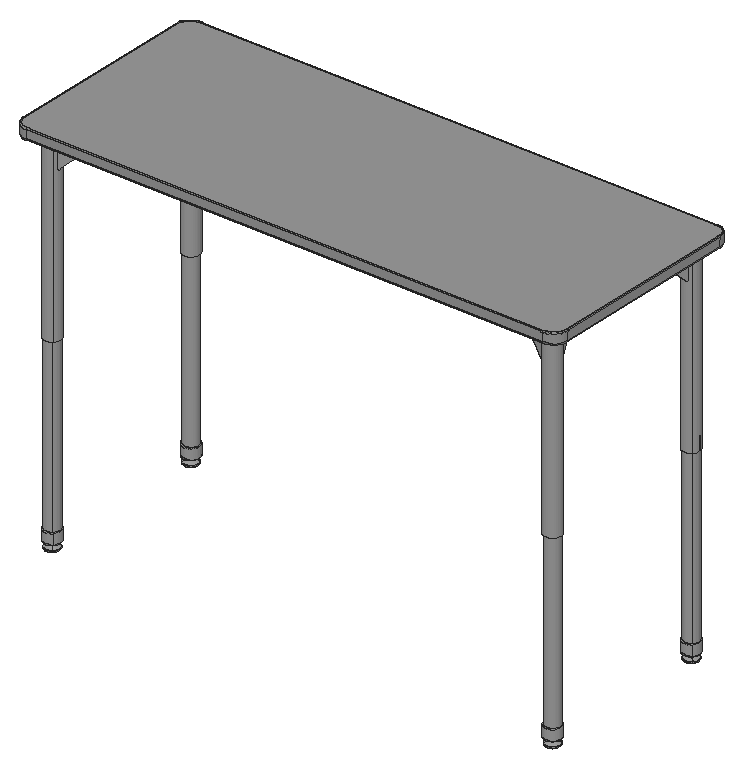
Revit family "Hierarchy Activity 60x24 Rectangle Table - Standing Height", category Furniture, Revit 2018
Family settings
  Work Plane-Based = No
  Always vertical = Yes
  Cut with Voids When Loaded = No
  Shared = No
  Room Calculation Point = No
Parameters
  Table Height = 3' - 5"
  Surface = Hierarchy Activity 60x24 Rectangle Table Standing Surface
  Leg Finish = Hierarchy Leg Platinum
  Edgeband = Hierarchy Activity 60x24 Rectangle Table Standing Edgeband
  Caster/Glide = Hierarchy Standing Leg - Glide : Hierarchy Standing Leg - Glide
Reference planes (in)
  plane 1 "Center (Front/Back)": y = 0
  plane 2: z = 0
  plane 3 "Center (Left/Right)": x = 0
  plane 4: z = 41
Dimensions and locks (in)
  "Table Height": plane 4 to level
  aligned and locked: plane 2 to level
  aligned and locked: nested 1 to plane 4
Nested families (in)
  nested 1: "Activity 60x24 Tabletop" at (0, 0, 17.075), type "Activity 60x24 Tabletop"
  nested 2: "Hierarchy Standing Leg - Glide" at (-27.59074, 9.56213, 0) x (0.7071, 0.7071, 0) z (0, 0, 1), type <- "Caster/Glide", Leg Finish <- "Leg Finish", Leg Height <- "Table Height", type "Hierarchy Standing Leg - Glide"
  nested 3: "Hierarchy Standing Leg - Glide" at (-27.59074, -9.56213, 0) x (-0.7071, 0.7071, 0) z (0, 0, 1), type <- "Caster/Glide", Leg Finish <- "Leg Finish", Leg Height <- "Table Height", type "Hierarchy Standing Leg - Glide"
  nested 4: "Hierarchy Standing Leg - Glide" at (27.59074, -9.56213, 0) x (-0.7071, -0.7071, 0) z (0, 0, 1), Leg Finish <- "Leg Finish", Leg Height <- "Table Height", type "Hierarchy Standing Leg - Glide"
  nested 5: "Hierarchy Standing Leg - Glide" at (27.59074, 9.56213, 0) x (0.7071, -0.7071, 0) z (0, 0, 1), Leg Finish <- "Leg Finish", Leg Height <- "Table Height", type "Hierarchy Standing Leg - Glide"
Definition of nested family "Activity 60x24 Tabletop"
  Parameters (values of type "Activity 60x24 Tabletop")
    Surface = none
    Edgeband = none
  Reference planes (in)
    plane 1 "Center (Front/Back)": y = 0
    plane 2: z = 0
    plane 3 "Center (Left/Right)": x = 0
  Forms (in)
    Extrusion 1, solid, material <- "Surface"
      sketch origin (0, 0, 0) x (1, 0, 0) y (0, 1, 0)
        loop
          line (28.5, 11.88189) -> (-28.5, 11.88189)
          arc (-28.5, 11.88189) -> (-29.47714, 11.47714) -> (-29.88189, 10.5) r 1.38189
          line (-29.88189, 10.5) -> (-29.88189, -10.5)
          arc (-29.88189, -10.5) -> (-29.47714, -11.47714) -> (-28.5, -11.88189) r 1.38189
          line (-28.5, -11.88189) -> (28.5, -11.88189)
          arc (28.5, -11.88189) -> (29.47714, -11.47714) -> (29.88189, -10.5) r 1.38189
          line (29.88189, -10.5) -> (29.88189, 10.5)
          arc (29.88189, 10.5) -> (29.47714, 11.47714) -> (28.5, 11.88189) r 1.38189
      from 23.925 to 25.125
    Sweep 2, solid, material <- "Edgeband"
      path origin (0, 0, 0) x (1, 0, 0) y (0, 1, 0)
        loop
          line (28.5, 11.88189) -> (-28.5, 11.88189)
          arc (-28.5, 11.88189) -> (-29.47714, 11.47714) -> (-29.88189, 10.5) r 1.38189
          line (-29.88189, 10.5) -> (-29.88189, -10.5)
          arc (-29.88189, -10.5) -> (-29.47714, -11.47714) -> (-28.5, -11.88189) r 1.38189
          line (-28.5, -11.88189) -> (28.5, -11.88189)
          arc (28.5, -11.88189) -> (29.47714, -11.47714) -> (29.88189, -10.5) r 1.38189
          line (29.88189, -10.5) -> (29.88189, 10.5)
          arc (29.88189, 10.5) -> (29.47714, 11.47714) -> (28.5, 11.88189) r 1.38189
      profile origin (0, 11.88189, 0) x (0, -1, 0) y (0, 0, 1)
        loop
          arc (-0.11811, 24.04311) -> (-0.08352, 23.95959) -> (0, 23.925) r 0.11811
          line (0, 23.925) -> (0, 25.125)
          arc (0, 25.125) -> (-0.08352, 25.09041) -> (-0.11811, 25.00689) r 0.11811
          line (-0.11811, 25.00689) -> (-0.11811, 24.04311)
  Dimensions and locks (in)
    aligned and locked: plane 2 to level
Definition of nested family "Hierarchy Standing Leg - Glide"
  Parameters (values of type "Hierarchy Standing Leg - Glide")
    Leg Finish [instance] = none
    Leg Height [instance] = 3' - 5"
  Reference planes (in)
    plane 1 "Center (Front/Back)": y = 0
    plane 2: z = 0
    plane 3 "Center (Left/Right)": x = 0
  Forms (in)
    Extrusion 1, solid
      sketch origin (-0.01562, 0, 0) x (1, 0, 0) y (0, 1, 0)
        loop
          circle (0.01563, 0) r 0.79147
      from 2 to 23.175
    Revolve 2, solid
      sketch origin (0, 0, 0) x (1, 0, 0) y (0, 0, 1)
        loop
          line (0, 2) -> (0, 0.74937) -> (0.84838, 0.74937)
          arc (0.84838, 0.74937) -> (0.89342, 0.76803) -> (0.91207, 0.81306) r 0.06369
          line (0.91207, 0.81306) -> (0.91207, 1.93631)
          arc (0.91207, 1.93631) -> (0.89342, 1.98134) -> (0.84838, 2) r 0.06369
          line (0.84838, 2) -> (0, 2)
        axis (0, 2) -> (0, 0.74937)
      angle from 0 to 360
    Revolve 3, solid
      sketch origin (0, 0, 0) x (1, 0, 0) y (0, 0, 1)
        loop
          line (0, 0.75) -> (0, 0) -> (0.74583, 0) -> (0.79147, 0.09013) -> (0.79147, 0.16241) -> (0.12474, 0.5) -> (0.12474, 0.75) -> (0, 0.75)
        axis (0, 0.75) -> (0, 0)
      angle from 0 to 360
  Dimensions and locks (in)
    "Leg Height": nested 1 to level
    aligned and locked: plane 2 to level
  Automatic sketch dimensions
    plane 1 "Center (Front/Back)" to Extrusion 1 sketch curve = 0' - 0"
    Extrusion 1 sketch curve to plane 3 "Center (Left/Right)" = 0' - 0"
    Revolve 2 sketch curve to plane 3 "Center (Left/Right)" = 0' - 0"  (x2)
    plane 3 "Center (Left/Right)" to Revolve 2 sketch curve = 0' - 0.84838"
    Revolve 2 sketch curve to Revolve 2 sketch curve = 0' - 0.84838"
    Revolve 2 sketch curve to Revolve 2 sketch curve = 0' - 0.06369"
    level to Revolve 2 sketch curve = 0' - 0.74937"
    Revolve 2 sketch curve to Revolve 2 sketch curve = 0' - 1.12324"
    Revolve 2 sketch curve to Revolve 2 sketch curve = 0' - 0.13731"
    Revolve 2 sketch curve to Revolve 2 sketch curve = 0' - 0 3/4"
    Revolve 3 sketch curve to plane 3 "Center (Left/Right)" = 0' - 0"  (x2)
    Revolve 3 sketch curve to level = 0' - 0"
    plane 3 "Center (Left/Right)" to Revolve 3 sketch curve = 0' - 0.12474"
    plane 3 "Center (Left/Right)" to Revolve 3 sketch curve = 0' - 0.74583"
    Revolve 3 sketch curve to Revolve 3 sketch curve = 0' - 0.04564"
    level to Revolve 3 sketch curve = 0' - 0.09013"
    Revolve 3 sketch curve to Revolve 3 sketch curve = 0' - 0.07228"
    level to Revolve 3 sketch curve = 0' - 0 1/2"
    Revolve 3 sketch curve to Revolve 3 sketch curve = 0' - 0 1/4"
    Revolve 3 sketch curve to level = 0' - 0 1/8"
    Revolve 3 sketch curve to Revolve 3 sketch curve = 0' - 0 1/8"
    radius of Extrusion 1 sketch curve = 0' - 0.79147"
  Nested families (in)
    nested 1: "Hierarchy Standing Upper Leg 2023" at (0, 0, 0.19983), Leg Finish <- "Leg Finish", type "Hierarchy Standing Upper Leg 2023"
      with Leg Finish none
  Definition of nested family "Hierarchy Standing Upper Leg 2023"
    Parameters (values of type "Hierarchy Standing Upper Leg 2023")
      Leg Finish [instance] = none
    Reference planes (in)
      plane 1 "Center (Front/Back)": y = 0
      plane 2: z = 0
      plane 3 "Center (Left/Right)": x = 0
    Forms (in)
      Extrusion 1, solid, material <- "Leg Finish"
        sketch origin (0, 0, 0) x (1, 0, 0) y (0, 1, 0)
          loop
            circle (0, 0) r 0.9129
        from 20.67418 to 40.67418
      Extrusion 2, solid, material <- "Leg Finish"
        sketch origin (0, 0, 12.998) x (1, 0, 0) y (0, 1, 0)
          loop
            line (-1.70174, 0.19183) -> (-3.96611, -4.49738)
            arc (-3.96611, -4.49738) -> (-3.91977, -5.33444) -> (-3.18615, -5.74016) r 0.86614
            line (-3.18615, -5.74016) -> (3.18615, -5.74016)
            arc (3.18615, -5.74016) -> (3.91977, -5.33444) -> (3.96611, -4.49738) r 0.86614
            line (3.96611, -4.49738) -> (1.70174, 0.19183)
            arc (1.70174, 0.19183) -> (0, 1.25984) -> (-1.70174, 0.19183) r 1.88976
        from 27.67618 to 27.80217
      Extrusion 3, solid, material <- "Leg Finish"
        sketch origin (12.41967, 1.58692, 0) x (0.434844, 0.900506, 0) y (0, 0, 1)
          loop
            arc (-12.68776, 40.67418) -> (-12.80559, 40.56418) -> (-12.70394, 40.43908) r 0.11811
            arc (-12.70394, 40.43908) -> (-9.98192, 39.53509) -> (-7.76426, 37.71614) r 7.87402
            arc (-7.76426, 37.71614) -> (-7.63344, 37.68136) -> (-7.55587, 37.79229) r 0.11811
            line (-7.55587, 37.79229) -> (-7.55587, 40.67418) -> (-12.68776, 40.67418)
        from -11.10976 to -10.98378
      Extrusion 4, solid, material <- "Leg Finish"
        sketch origin (-12.41967, 1.58692, 0) x (-0.434844, 0.900506, 0) y (0, 0, -1)
          loop
            line (-12.68776, -40.67418) -> (-7.55587, -40.67418) -> (-7.55587, -37.79229)
            arc (-7.55587, -37.79229) -> (-7.63344, -37.68136) -> (-7.76426, -37.71614) r 0.11811
            arc (-7.76426, -37.71614) -> (-9.98192, -39.53509) -> (-12.70394, -40.43908) r 7.87402
            arc (-12.70394, -40.43908) -> (-12.80559, -40.56418) -> (-12.68776, -40.67418) r 0.11811
        from -11.10976 to -10.98378
    Dimensions and locks (in)
      aligned and locked: plane 2 to level
